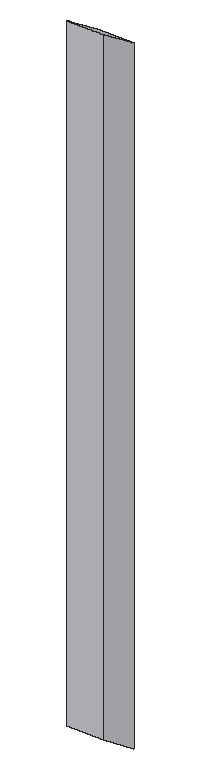
Revit family "Balaústre retangular", category Balaústres, Revit 2019
Family settings
  Número OmniClass = 23.30.80.11.11.14
  Título OmniClass = Posts, Newel Posts, Pickets
  ID de item do Seek = Baluster - Square-0000-CAN-ENU
  Sempre na vertical = Sim
  Corte com vazios quando carregada = Não
  Compartilhado = Não
Parameters (values of type "50 X 50mm")
  built-in parameter 1008623 [instance] = 32.47°
  built-in parameter 1008625 [instance] = (empty or 0)
  Post = no
  built-in parameter 1008624 [instance] = 32.47°
  Largura = 50 mm
  Material de balaústre = none
  built-in parameter 1008622 [instance] = 860 mm
Reference planes
  plane 1 "Centro (Frente/Trás)": y = 0
  plane 2: z = 0
  plane 3 "Centro (Esquerda/Direita)": x = 0
  plane 4 "Superior": z = 860
  plane 5 "Corte do ângulo superior": through (0, 389.522, 612.134) normal (0, -0.5369, -0.8437)
  plane 6: z = 960
  plane 7: x = -50
  plane 8: x = 50
  plane 9: y = 50
  plane 10: y = -50
  plane 11 "Corte ângulo inferior": through (0, 0, 0) normal (0, -0.5369, -0.8437)
  plane 12: z = -100
Forms (mm)
  Extrusion 1, solid, material <- "Material de balaústre"
    sketch origin (0, 0, 0) x (1, 0, 0) y (0, 1, 0)
      loop
        line (-25, 25) -> (-25, -25) -> (25, -25) -> (25, 25) -> (-25, 25)
    from -100 to 960
  Extrusion 2, void
    sketch origin (0, 0, 0) x (0, 1, 0) y (0, 0, 1)
      loop
        line (-50, 960) -> (-50, 891.817) -> (50, 828.183) -> (50, 960) -> (-50, 960)
      loop
        line (-50, -100) -> (50, -100) -> (50, -31.817) -> (-50, 31.817) -> (-50, -100)
    from -50 to 50
Cuts and joins
  Extrusion 2 cuts Extrusion 1
Dimensions and locks
  "built-in parameter 1008622": plane 2 to plane 4 "Superior"
  locked: plane 4 "Superior" to plane 6 at 100
  equal spacing: Extrusion 1 sketch curve, plane 3 "Centro (Esquerda/Direita)", Extrusion 1 sketch curve
  equal spacing: Extrusion 1 sketch curve, plane 1 "Centro (Frente/Trás)", Extrusion 1 sketch curve
  "Largura": Extrusion 1 sketch curve to Extrusion 1 sketch curve  (x2)
  "Largura": plane 7 to plane 3 "Centro (Esquerda/Direita)"
  "Largura": plane 3 "Centro (Esquerda/Direita)" to plane 8
  "Largura": plane 10 to plane 1 "Centro (Frente/Trás)"
  "Largura": plane 1 "Centro (Frente/Trás)" to plane 9
  locked: level to plane 12 at 100
  "built-in parameter 1008623": angle plane 4 "Superior" to plane 5 "Corte do ângulo superior"
  "built-in parameter 1008624": angle level to plane 11 "Corte ângulo inferior"
  aligned and locked: Extrusion 1 to plane 6
  aligned and locked: Extrusion 2 to plane 7
  aligned and locked: plane 8 to Extrusion 2
  aligned and locked: plane 6 to Extrusion 2 sketch curve
  aligned and locked: plane 9 to Extrusion 2 sketch curve
  aligned and locked: plane 10 to Extrusion 2 sketch curve  (x2)
  aligned and locked: Extrusion 2 sketch curve to plane 5 "Corte do ângulo superior"
  aligned and locked: plane 12 to Extrusion 1
  aligned and locked: plane 12 to Extrusion 2 sketch curve
  aligned and locked: Extrusion 2 sketch curve to plane 9
  aligned and locked: Extrusion 2 sketch curve to plane 11 "Corte ângulo inferior"
